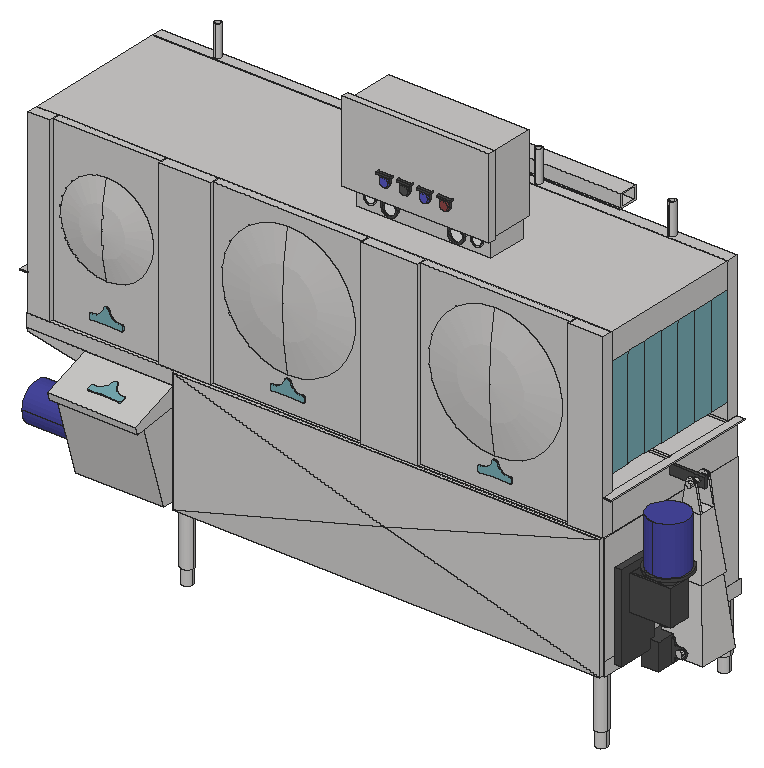
Revit family (continued)
Lines and regions (in)
  symbolic lines, style "QF_Clearances", visible <- "Swing Doors", detail levels coarse
    curve 64: line (7.57772, -95.5, 55.5) -> (7.57772, -73, 55.5)
    curve 65: arc (7.57772, -95.5, 55.5) -> (23.48762, -88.9099, 55.5) -> (30.07772, -73, 55.5) r 22.5
    curve 66: line (61.07772, -95.5, 55.5) -> (61.07772, -73, 55.5)
    curve 67: arc (61.07772, -95.5, 55.5) -> (45.16782, -88.9099, 55.5) -> (38.57772, -73, 55.5) r 22.5
  symbolic lines, style "QF_Surface Details"
    curve 68: line (5.60809, -54.8896, 52.4375) -> (34.60809, -54.8896, 52.4375)
    curve 69: line (34.60809, -54.8896, 52.4375) -> (30.10809, -52.39521, 52.4375)
    curve 70: line (34.60809, -54.8896, 52.4375) -> (30.10809, -57.38399, 52.4375)
Dimensions and locks (in)
  "Depth": plane 6 "FRONT" to plane 3 "BACK"
  locked: plane 7 "Right of Top" to plane 5 "RIGHT" at 0.25
  locked: plane 7 "Right of Top" to plane 8 "Right of Ledge" at 1.5
  locked: plane 11 "Bottom of Machine" to level at 10
  "Table Height": plane 12 "Table Height" to level
  "Machine Height": plane 13 "Top of Machine" to level
  "Total Height": plane 4 "TOP" to level
  locked: plane 15 to plane 11 "Bottom of Machine" at 2
  locked: plane 12 "Table Height" to plane 14 "Panel Top" at 5.5
  locked: plane 6 "FRONT" to plane 16 at 0.5
  locked: plane 3 "BACK" to plane 17 at 0.5
  locked: plane 18 to plane 2 "Left of Main Body" at 0.25
  locked: plane 5 "RIGHT" to plane 19 at 0.25
  locked: plane 3 "BACK" to plane 20 at 1.625
  locked: plane 6 "FRONT" to plane 21 at 1.625
  equal spacing: plane 2 "Left of Main Body", plane 22 "Door Center", plane 5 "RIGHT"
  "24 Door Opening": plane 23 to plane 24
  locked: plane 13 "Top of Machine" to plane 25 "Top of Opening" at 4
  locked: plane 22 "Door Center" to Blend 10 sketch curve at 0.03125  (x2)
  locked: Extrusion 13 sketch curve to plane 21 at 1.125
  locked: plane 26 to level at 2.25
  plane 18 to Extrusion 14 sketch curve = 0' - 1 1/4"
  plane 17 to Extrusion 14 sketch curve = 0' - 1 1/2"
  locked: plane 17 to Extrusion 15 sketch curve at 1.5
  locked: plane 18 to Extrusion 15 sketch curve at 1.25
  locked: plane 17 to Extrusion 16 sketch curve at 1.5
  locked: Extrusion 16 sketch curve to plane 19 at 1.25
  locked: Extrusion 17 sketch curve to plane 19 at 1.25
  locked: plane 17 to Extrusion 17 sketch curve at 1.5
  locked: Extrusion 20 sketch curve to plane 19 at 1.25
  locked: Extrusion 20 sketch curve to plane 16 at 1.5
  locked: Extrusion 21 sketch curve to plane 19 at 1.25
  locked: Extrusion 21 sketch curve to plane 16 at 1.5
  locked: Extrusion 18 sketch curve to plane 16 at 1.5
  locked: plane 18 to Extrusion 18 sketch curve at 1.25
  locked: Extrusion 19 sketch curve to plane 16 at 1.5
  locked: plane 18 to Extrusion 19 sketch curve at 1.25
  locked: plane 27 to plane 22 "Door Center" at 10
  locked: plane 27 to plane 28 at 20
  locked: plane 29 to plane 22 "Door Center" at 11
  locked: plane 29 to plane 30 at 22
  plane 31 "Front of Lower Panel" to plane 6 "FRONT" = 0' - 6 1/2"
  locked: plane 32 to plane 31 "Front of Lower Panel" at 6
  locked: plane 33 to plane 6 "FRONT" at 6
  locked: plane 34 "Back of Panel" to plane 33 at 7
  locked: plane 33 to plane 35 "Front of Upper Panel" at 1
  locked: plane 29 to plane 36 at 0.5
  locked: plane 37 to plane 30 at 0.5
  locked: Extrusion 27 sketch curve to plane 27 at 5
  locked: Extrusion 27 sketch curve to plane 13 "Top of Machine" at 1.5
  locked: Extrusion 28 sketch curve to plane 27 at 2
  locked: Extrusion 28 sketch curve to plane 13 "Top of Machine" at 1.75
  locked: Extrusion 31 sketch curve to plane 28 at 5
  locked: Extrusion 31 sketch curve to plane 13 "Top of Machine" at 1.5
  locked: Extrusion 32 sketch curve to plane 28 at 2
  locked: Extrusion 32 sketch curve to plane 13 "Top of Machine" at 1.75
  locked: Extrusion 41 sketch curve to plane 14 "Panel Top" at 4.12493
  locked: plane 38 to plane 9 "Right End Cowl" at 0.125
  locked: plane 10 to plane 39 at 3.875
  locked: plane 40 to plane 41 at 24.875
  locked: plane 41 to plane 6 "FRONT" at 0.0625
  plane 42 "Top of Vents" to plane 13 "Top of Machine" = 0' - 4"
  locked: Extrusion 46 sketch curve to plane 5 "RIGHT" at 1.375
  locked: plane 5 "RIGHT" to Extrusion 47 sketch curve at 6
  locked: plane 5 "RIGHT" to Extrusion 50 sketch curve at 6
  locked: plane 5 "RIGHT" to Extrusion 51 sketch curve at 6
  locked: plane 5 "RIGHT" to Blend 49 sketch curve at 6
  locked: Extrusion 62 sketch curve to plane 3 "BACK" at 0.75
  locked: plane 43 to plane 22 "Door Center" at 14.5
  locked: plane 43 to plane 44 at 29
  locked: plane 46 to plane 13 "Top of Machine" at 2
  locked: plane 45 to plane 3 "BACK" at 3
  Extrusion 65 sketch curve to plane 13 "Top of Machine" = 1' - 1"
  locked: plane 30 to Extrusion 65 sketch curve at 1
  Extrusion 66 sketch curve to plane 3 "BACK" = 0' - 3"
  locked: plane 47 to plane 3 "BACK" at 5
  locked: plane 48 to plane 13 "Top of Machine" at 29
  "24 Door Opening": plane 49 to plane 50
  locked: Extrusion 62 sketch curve to plane 5 "RIGHT" at 9
  locked: Extrusion 75 sketch curve to plane 3 "BACK" at 0.75
  locked: plane 51 to plane 53 at 0.125
  locked: plane 54 to plane 52 at 3.875
  "Width": plane 55 "LEFT" to plane 5 "RIGHT"
  locked: plane 57 to plane 56 at 1.5
  "18 Door Opening": plane 60 to plane 59
  Extrusion 75 sketch curve to plane 5 "RIGHT" = 2' - 5"
  locked: plane 55 "LEFT" to Extrusion 98 sketch curve at 9
  Extrusion 66 sketch curve to plane 5 "RIGHT" = 1' - 4 1/2"
  Extrusion 93 sketch curve to plane 5 "RIGHT" = 6' - 4"
  locked: plane 55 "LEFT" to plane 60 at 3.22043
  plane 50 to plane 5 "RIGHT" = 0' - 5 1/4"
  locked: plane 2 "Left of Main Body" to plane 23 at 5.25
  locked: plane 55 "LEFT" to plane 2 "Left of Main Body" at 22
  locked: plane 60 to plane 61 at 0.25
  locked: plane 62 to plane 59 at 0.125
  locked: plane 63 to plane 59 at 1.4375
  locked: plane 23 to plane 64 at 0.25
  locked: plane 65 to plane 24 at 0.125
  locked: plane 66 to plane 24 at 1.4375
  locked: plane 49 to plane 67 at 0.125
  locked: plane 49 to plane 68 at 1.4375
  locked: plane 69 to plane 50 at 0.25
  locked: plane 39 to plane 38 at 2.9375
  plane 5 "RIGHT" to plane 9 "Right End Cowl" = 0' - 10"
  aligned and locked: level to plane 1
  aligned and locked: Extrusion 1 sketch curve to plane 17
  aligned and locked: Extrusion 1 sketch curve to plane 18
  aligned and locked: plane 19 to Extrusion 1 sketch curve
  aligned and locked: Extrusion 1 to plane 11 "Bottom of Machine"
  aligned and locked: plane 15 to Extrusion 1
  aligned and locked: plane 2 "Left of Main Body" to Extrusion 2 sketch curve
  aligned and locked: plane 6 "FRONT" to Extrusion 2 sketch curve
  aligned and locked: plane 3 "BACK" to Extrusion 2 sketch curve
  aligned and locked: plane 14 "Panel Top" to Extrusion 2
  aligned and locked: Extrusion 2 to plane 15
  aligned and locked: Extrusion 3 sketch curve to plane 6 "FRONT"
  aligned and locked: Extrusion 3 sketch curve to plane 3 "BACK"
  aligned and locked: plane 5 "RIGHT" to Extrusion 4 sketch curve
  aligned and locked: plane 6 "FRONT" to Extrusion 4 sketch curve
  aligned and locked: plane 8 "Right of Ledge" to Extrusion 4 sketch curve
  aligned and locked: plane 3 "BACK" to Extrusion 4 sketch curve
  aligned and locked: plane 3 "BACK" to Extrusion 5 sketch curve
  aligned and locked: Extrusion 5 sketch curve to plane 21
  aligned and locked: Extrusion 5 to plane 14 "Panel Top"
  aligned and locked: plane 3 "BACK" to Extrusion 6 sketch curve
  aligned and locked: plane 20 to Extrusion 6 sketch curve
  aligned and locked: Extrusion 7 sketch curve to plane 5 "RIGHT"
  aligned and locked: Extrusion 7 sketch curve to plane 21
  aligned and locked: Extrusion 7 sketch curve to plane 20
  aligned and locked: plane 3 "BACK" to Extrusion 8 sketch curve
  aligned and locked: plane 20 to Extrusion 8 sketch curve
  aligned and locked: Extrusion 8 sketch curve to plane 5 "RIGHT"
  aligned and locked: Extrusion 8 to plane 12 "Table Height"
  aligned and locked: Extrusion 7 to plane 25 "Top of Opening"
  aligned and locked: Extrusion 9 sketch curve to plane 23
  aligned and locked: plane 14 "Panel Top" to Extrusion 9 sketch curve
  aligned and locked: Extrusion 9 to plane 21
  aligned and locked: Extrusion 9 sketch curve to plane 13 "Top of Machine"
  aligned and locked: plane 2 "Left of Main Body" to Blend 10 sketch curve
  aligned and locked: plane 11 "Bottom of Machine" to Blend 10 sketch curve
  aligned and locked: Blend 10 sketch curve to plane 14 "Panel Top"
  aligned and locked: Blend 10 sketch curve to plane 5 "RIGHT"
  aligned and locked: plane 6 "FRONT" to Extrusion 1 sketch curve
  aligned and locked: plane 2 "Left of Main Body" to Extrusion 11 sketch curve
  aligned and locked: Extrusion 11 sketch curve to plane 6 "FRONT"
  aligned and locked: plane 16 to Extrusion 11 sketch curve
  aligned and locked: Extrusion 11 sketch curve to plane 5 "RIGHT"
  aligned and locked: Extrusion 11 to plane 11 "Bottom of Machine"
  aligned and locked: plane 14 "Panel Top" to Extrusion 11
  aligned and locked: Extrusion 12 sketch curve to plane 13 "Top of Machine"
  aligned and locked: Extrusion 12 sketch curve to plane 5 "RIGHT"
  aligned and locked: plane 14 "Panel Top" to Extrusion 12 sketch curve
  aligned and locked: Extrusion 12 to plane 21
  aligned and locked: Extrusion 13 sketch curve to plane 24
  aligned and locked: plane 21 to Extrusion 13 sketch curve
  aligned and locked: plane 23 to Extrusion 13 sketch curve
  aligned and locked: Extrusion 13 to plane 14 "Panel Top"
  aligned and locked: plane 26 to Extrusion 14
  aligned and locked: Extrusion 15 to plane 26
  aligned and locked: plane 11 "Bottom of Machine" to Extrusion 15
  aligned and locked: plane 21 to Extrusion 22 sketch curve
  aligned and locked: plane 5 "RIGHT" to Extrusion 22 sketch curve  (x7)
  aligned and locked: plane 20 to Extrusion 22 sketch curve
  aligned and locked: Extrusion 23 sketch curve to plane 20
  aligned and locked: Extrusion 23 sketch curve to plane 21
  aligned and locked: Extrusion 24 sketch curve to plane 32
  aligned and locked: plane 31 "Front of Lower Panel" to Extrusion 24 sketch curve
  aligned and locked: plane 27 to Extrusion 24 sketch curve
  aligned and locked: plane 28 to Extrusion 24 sketch curve
  aligned and locked: Extrusion 25 sketch curve to plane 34 "Back of Panel"
  aligned and locked: plane 33 to Extrusion 25 sketch curve
  aligned and locked: plane 36 to Extrusion 25 sketch curve
  aligned and locked: Extrusion 25 sketch curve to plane 37
  aligned and locked: Extrusion 26 sketch curve to plane 33
  aligned and locked: plane 35 "Front of Upper Panel" to Extrusion 26 sketch curve
  aligned and locked: plane 29 to Extrusion 26 sketch curve
  aligned and locked: Extrusion 26 sketch curve to plane 30
  aligned and locked: Extrusion 29 sketch curve to Extrusion 28  (x2)
  aligned and locked: Extrusion 30 sketch curve to Extrusion 27  (x2)
  aligned and locked: Extrusion 33 sketch curve to Extrusion 32  (x2)
  aligned and locked: Extrusion 34 sketch curve to Extrusion 31  (x2)
  aligned and locked: Extrusion 42 sketch curve to plane 13 "Top of Machine"
  aligned and locked: Extrusion 42 sketch curve to plane 6 "FRONT"
  aligned and locked: plane 21 to Extrusion 42 sketch curve
  aligned and locked: plane 20 to Extrusion 42 sketch curve
  aligned and locked: plane 3 "BACK" to Extrusion 42 sketch curve
  aligned and locked: plane 6 "FRONT" to Extrusion 43 sketch curve
  aligned and locked: Extrusion 43 sketch curve to plane 13 "Top of Machine"
  aligned and locked: plane 3 "BACK" to Extrusion 43 sketch curve
  aligned and locked: plane 20 to Extrusion 43 sketch curve
  aligned and locked: plane 25 "Top of Opening" to Extrusion 43 sketch curve
  aligned and locked: plane 21 to Extrusion 43 sketch curve
  aligned and locked: Extrusion 43 to plane 38
  aligned and locked: plane 38 to Extrusion 42
  aligned and locked: Extrusion 44 sketch curve to plane 10
  aligned and locked: plane 39 to Extrusion 44 sketch curve
  aligned and locked: plane 40 to Extrusion 44 sketch curve
  aligned and locked: Extrusion 44 sketch curve to plane 41
  aligned and locked: Extrusion 45 sketch curve to Extrusion 44  (x4)
  aligned and locked: Blend 49 sketch curve to Extrusion 48  (x2)
  aligned and locked: Extrusion 58 sketch curve to Extrusion 56  (x2)
  aligned and locked: Extrusion 46 to plane 5 "RIGHT"
  aligned and locked: Extrusion 52 to plane 5 "RIGHT"
  aligned and locked: plane 10 to nested 1
  aligned and locked: plane 39 to nested 1
  aligned and locked: plane 41 to nested 1
  aligned and locked: nested 1 to plane 40
  aligned and locked: Extrusion 63 to plane 43
  aligned and locked: Extrusion 63 to plane 44
  aligned and locked: Extrusion 64 to plane 44
  aligned and locked: Extrusion 64 to plane 43
  aligned and locked: plane 3 "BACK" to curve 1
  aligned and locked: curve 4 to plane 5 "RIGHT"
  aligned and locked: plane 6 "FRONT" to curve 3
  aligned and locked: curve 6 to plane 9 "Right End Cowl"
  aligned and locked: plane 43 to curve 8
  aligned and locked: plane 44 to curve 10
  aligned and locked: curve 9 to plane 45
  aligned and locked: plane 8 "Right of Ledge" to curve 12
  aligned and locked: curve 13 to plane 34 "Back of Panel"
  aligned and locked: plane 33 to curve 15
  aligned and locked: plane 36 to curve 14
  aligned and locked: curve 16 to plane 37
  aligned and locked: plane 29 to curve 20
  aligned and locked: plane 35 "Front of Upper Panel" to curve 19
  aligned and locked: curve 18 to plane 30
  aligned and locked: plane 41 to curve 24
  aligned and locked: curve 25 to plane 39
  aligned and locked: plane 10 to curve 23
  aligned and locked: curve 22 to plane 40
  aligned and locked: Extrusion 67 sketch curve to plane 17  (x2)
  aligned and locked: plane 47 to Extrusion 67 sketch curve
  aligned and locked: plane 44 to Extrusion 67 sketch curve
  aligned and locked: Extrusion 67 sketch curve to plane 45
  aligned and locked: plane 43 to Extrusion 67 sketch curve
  aligned and locked: plane 13 "Top of Machine" to Extrusion 68 sketch curve
  aligned and locked: Extrusion 68 sketch curve to plane 24
  aligned and locked: plane 23 to Extrusion 68 sketch curve
  aligned and locked: Extrusion 68 sketch curve to plane 48
  aligned and locked: Extrusion 68 to plane 21
  aligned and locked: Extrusion 67 sketch curve to plane 8 "Right of Ledge"
  aligned and locked: Extrusion 69 sketch curve to plane 47
  aligned and locked: Extrusion 69 sketch curve to plane 8 "Right of Ledge"
  aligned and locked: plane 17 to Extrusion 69 sketch curve
  aligned and locked: Extrusion 69 sketch curve to plane 9 "Right End Cowl"
  aligned and locked: plane 4 "TOP" to Extrusion 69
  aligned and locked: curve 28 to plane 9 "Right End Cowl"
  aligned and locked: curve 27 to plane 47
  aligned and locked: Extrusion 71 sketch curve to plane 50
  aligned and locked: plane 49 to Extrusion 71 sketch curve
  aligned and locked: Extrusion 72 sketch curve to plane 50
  aligned and locked: plane 49 to Extrusion 72 sketch curve
  aligned and locked: plane 50 to Extrusion 12 sketch curve
  aligned and locked: plane 24 to Extrusion 74 sketch curve
  aligned and locked: Extrusion 74 sketch curve to plane 49
  aligned and locked: Extrusion 74 sketch curve to plane 13 "Top of Machine"
  aligned and locked: plane 14 "Panel Top" to Extrusion 74 sketch curve
  aligned and locked: Extrusion 74 to plane 21
  aligned and locked: Extrusion 74 to plane 6 "FRONT"
  aligned and locked: Extrusion 76 sketch curve to Extrusion 66  (x2)
  aligned and locked: Extrusion 77 to plane 53
  aligned and locked: plane 53 to Extrusion 78
  aligned and locked: plane 54 to Extrusion 79 sketch curve
  aligned and locked: Extrusion 79 sketch curve to plane 52
  aligned and locked: curve 30 to plane 51
  aligned and locked: curve 35 to plane 52
  aligned and locked: plane 54 to curve 33
  aligned and locked: plane 51 to Extrusion 80 sketch curve
  aligned and locked: plane 51 to curve 36
  aligned and locked: Extrusion 94 sketch curve to Extrusion 93  (x2)
  aligned and locked: plane 59 to Extrusion 9 sketch curve
  aligned and locked: Extrusion 95 sketch curve to plane 60
  aligned and locked: plane 55 "LEFT" to Extrusion 95 sketch curve
  aligned and locked: plane 55 "LEFT" to Extrusion 5 sketch curve
  aligned and locked: Extrusion 5 sketch curve to plane 5 "RIGHT"
  aligned and locked: Extrusion 6 sketch curve to plane 5 "RIGHT"  (x2)
  aligned and locked: plane 55 "LEFT" to Extrusion 6 sketch curve  (x2)
  aligned and locked: Extrusion 96 sketch curve to plane 58
  aligned and locked: plane 19 to Extrusion 2 sketch curve
  aligned and locked: plane 55 "LEFT" to Extrusion 8 sketch curve
  aligned and locked: plane 55 "LEFT" to Extrusion 7 sketch curve
  aligned and locked: plane 21 to Extrusion 109 sketch curve
  aligned and locked: plane 6 "FRONT" to Extrusion 109 sketch curve
  aligned and locked: plane 61 to Extrusion 109 sketch curve
  aligned and locked: Extrusion 109 sketch curve to plane 62
  aligned and locked: plane 21 to Extrusion 110 sketch curve
  aligned and locked: plane 6 "FRONT" to Extrusion 110 sketch curve
  aligned and locked: plane 64 to Extrusion 110 sketch curve
  aligned and locked: Extrusion 110 sketch curve to plane 65
  aligned and locked: plane 67 to Extrusion 111 sketch curve
  aligned and locked: Extrusion 111 sketch curve to plane 69
  aligned and locked: plane 21 to Extrusion 111 sketch curve
  aligned and locked: plane 6 "FRONT" to Extrusion 111 sketch curve
  aligned and locked: Extrusion 109 to plane 14 "Panel Top"
  aligned and locked: Extrusion 110 to plane 14 "Panel Top"
  aligned and locked: Extrusion 111 to plane 14 "Panel Top"
  aligned and locked: curve 62 to plane 60
  aligned and locked: plane 23 to curve 64
  aligned and locked: plane 50 to curve 66
  aligned and locked: cut or joined group of Extrusion 42, Extrusion 45 to plane 5 "RIGHT"
Automatic sketch dimensions
  Extrusion 35 sketch curve to Extrusion 35 sketch curve = 0' - 1"  (x3)
  Extrusion 35 sketch curve to Extrusion 35 sketch curve = 0' - 2"  (x4)
  Extrusion 35 sketch curve to Extrusion 35 sketch curve = 0' - 0 1/4"  (x5)
  Extrusion 35 sketch curve to Extrusion 35 sketch curve = 0' - 0"  (x2)
  Extrusion 40 sketch curve to Extrusion 40 sketch curve = 0' - 1 1/2"  (x3)
  Extrusion 40 sketch curve to Extrusion 40 sketch curve = 0' - 0 3/4"  (x4)
  Extrusion 40 sketch curve to Extrusion 40 sketch curve = 0' - 0"  (x3)
  Extrusion 40 sketch curve to Extrusion 40 sketch curve = 0' - 0 7/8"  (x4)
  Extrusion 99 sketch curve to Extrusion 99 sketch curve = 0' - 1"  (x3)
  Extrusion 99 sketch curve to Extrusion 99 sketch curve = 0' - 2"  (x4)
  Extrusion 99 sketch curve to Extrusion 99 sketch curve = 0' - 0 1/4"  (x5)
  Extrusion 99 sketch curve to Extrusion 99 sketch curve = 0' - 0"  (x2)
  Extrusion 104 sketch curve to Extrusion 104 sketch curve = 0' - 1 1/2"  (x3)
  Extrusion 104 sketch curve to Extrusion 104 sketch curve = 0' - 0 3/4"  (x4)
  Extrusion 104 sketch curve to Extrusion 104 sketch curve = 0' - 0"  (x3)
  Extrusion 104 sketch curve to Extrusion 104 sketch curve = 0' - 0 7/8"  (x4)
  Extrusion 87 sketch curve to Extrusion 87 sketch curve = 0' - 0.24812"
  Extrusion 87 sketch curve to Extrusion 87 sketch curve = 0' - 1.04649"
  Extrusion 88 sketch curve to Extrusion 88 sketch curve = 0' - 0.25142"  (x2)
  Extrusion 88 sketch curve to Extrusion 88 sketch curve = 0' - 0.25483"
  Extrusion 88 sketch curve to Extrusion 88 sketch curve = 0' - 0.30345"
  Extrusion 88 sketch curve to Extrusion 88 sketch curve = 0' - 1.63184"  (x2)
  Extrusion 88 sketch curve to Extrusion 88 sketch curve = 0' - 1.52338"
  Extrusion 88 sketch curve to Extrusion 88 sketch curve = 0' - 0.41934"
  Extrusion 88 sketch curve to Extrusion 88 sketch curve = 0' - 0.42496"
  Extrusion 88 sketch curve to Extrusion 88 sketch curve = 0' - 0"  (x2)
  Extrusion 88 sketch curve to Extrusion 88 sketch curve = 0' - 1.22253"
  Extrusion 88 sketch curve to Extrusion 88 sketch curve = 0' - 1.51845"
  Extrusion 88 sketch curve to Extrusion 88 sketch curve = 0' - 0.00341"
  Extrusion 88 sketch curve to Extrusion 88 sketch curve = 0' - 11.90119"
  Extrusion 88 sketch curve to Extrusion 88 sketch curve = 0' - 0.08323"
  Extrusion 88 sketch curve to Extrusion 88 sketch curve = 0' - 0.48493"  (x2)
  Extrusion 88 sketch curve to Extrusion 88 sketch curve = 0' - 1.96861"
  Extrusion 86 sketch curve to Extrusion 86 sketch curve = 0' - 3.69119"
  Extrusion 86 sketch curve to Extrusion 86 sketch curve = 0' - 5.50369"
  Extrusion 86 sketch curve to Extrusion 86 sketch curve = 1' - 0.07335"
  Extrusion 86 sketch curve to Extrusion 86 sketch curve = 0' - 0.73915"
  Extrusion 87 sketch curve to Extrusion 87 sketch curve = 0' - 6.75188"
  Extrusion 87 sketch curve to Extrusion 87 sketch curve = 0' - 0.90679"
  Extrusion 87 sketch curve to Extrusion 87 sketch curve = 0' - 2 11/16"
  Extrusion 88 sketch curve to Extrusion 88 sketch curve = 0' - 0.61126"
  Extrusion 107 sketch curve to Extrusion 107 sketch curve = 0' - 0.24812"
  Extrusion 107 sketch curve to Extrusion 107 sketch curve = 0' - 1.04649"
  Extrusion 108 sketch curve to Extrusion 108 sketch curve = 0' - 0.25142"  (x2)
  Extrusion 108 sketch curve to Extrusion 108 sketch curve = 0' - 0.25483"
  Extrusion 108 sketch curve to Extrusion 108 sketch curve = 0' - 0.30345"
  Extrusion 108 sketch curve to Extrusion 108 sketch curve = 0' - 1.63184"  (x2)
  Extrusion 108 sketch curve to Extrusion 108 sketch curve = 0' - 1.52338"
  Extrusion 108 sketch curve to Extrusion 108 sketch curve = 0' - 0.41934"
  Extrusion 108 sketch curve to Extrusion 108 sketch curve = 0' - 0.42496"
  Extrusion 108 sketch curve to Extrusion 108 sketch curve = 0' - 0"  (x2)
  Extrusion 108 sketch curve to Extrusion 108 sketch curve = 0' - 1.22253"
  Extrusion 108 sketch curve to Extrusion 108 sketch curve = 0' - 1.51845"
  Extrusion 108 sketch curve to Extrusion 108 sketch curve = 0' - 0.00341"
  Extrusion 108 sketch curve to Extrusion 108 sketch curve = 0' - 11.90119"
  Extrusion 108 sketch curve to Extrusion 108 sketch curve = 0' - 0.08323"
  Extrusion 108 sketch curve to Extrusion 108 sketch curve = 0' - 0.48493"  (x2)
  Extrusion 108 sketch curve to Extrusion 108 sketch curve = 0' - 1.96861"
  Extrusion 106 sketch curve to Extrusion 106 sketch curve = 0' - 3.69119"
  Extrusion 106 sketch curve to Extrusion 106 sketch curve = 0' - 5.50369"
  Extrusion 106 sketch curve to Extrusion 106 sketch curve = 1' - 0.07335"
  Extrusion 106 sketch curve to Extrusion 106 sketch curve = 0' - 0.73915"
  Extrusion 107 sketch curve to Extrusion 107 sketch curve = 0' - 6.75188"
  Extrusion 107 sketch curve to Extrusion 107 sketch curve = 0' - 0.90679"
  Extrusion 107 sketch curve to Extrusion 107 sketch curve = 0' - 2 11/16"
  Extrusion 108 sketch curve to Extrusion 108 sketch curve = 0' - 0.61126"
  curve 37 to plane 57 = 0' - 0"
  curve 41 to plane 60 = 0' - 0"
  curve 42 to plane 6 "FRONT" = 0' - 0"
  plane 21 to curve 39 = 0' - 0"
  curve 39 to plane 59 = 0' - 0"
  curve 44 to plane 6 "FRONT" = 0' - 0"
  curve 44 to plane 18 = 0' - 0"
  plane 21 to curve 47 = 0' - 0"
  curve 47 to plane 23 = 0' - 0"
  curve 48 to plane 24 = 0' - 0"
  plane 21 to curve 50 = 0' - 0"
  curve 50 to plane 49 = 0' - 0"
  curve 51 to plane 50 = 0' - 0"
  curve 26 to plane 8 "Right of Ledge" = 0' - 0"
  curve 49 to plane 6 "FRONT" = 0' - 0"
  curve 51 to plane 6 "FRONT" = 0' - 0"
  curve 46 to plane 6 "FRONT" = 0' - 0"
  curve 48 to plane 6 "FRONT" = 0' - 0"
  curve 38 to plane 6 "FRONT" = 0' - 0"
  curve 40 to plane 6 "FRONT" = 0' - 0"
  curve 36 to plane 17 = 0' - 0"
  curve 28 to plane 17 = 0' - 0"
  plane 61 to curve 43 = 0' - 5.09207"
  curve 44 to plane 16 = 0' - 6 1/2"
  plane 41 to curve 45 = 0' - 0 7/16"
  plane 41 to curve 52 = 0' - 0 7/16"
  plane 41 to curve 41 = 0' - 0 7/16"
  Extrusion 3 sketch curve to plane 55 "LEFT" = 0' - 0"
  Extrusion 3 sketch curve to plane 57 = 0' - 0"
  plane 32 to Extrusion 6 sketch curve = 0' - 0 1/4"
  Extrusion 6 sketch curve to plane 32 = 0' - 0 1/4"
  plane 15 to Blend 10 sketch curve = 0' - 7 7/32"
  Blend 10 sketch curve to Blend 10 sketch curve = 0' - 0 1/16"
  Extrusion 22 sketch curve to plane 35 "Front of Upper Panel" = 0' - 0 3/8"
  Extrusion 22 sketch curve to Extrusion 22 sketch curve = 0' - 0 1/8"  (x6)
  plane 31 "Front of Lower Panel" to Extrusion 22 sketch curve = 0' - 1 1/4"
  Extrusion 22 sketch curve to plane 32 = 0' - 1 5/8"
  Extrusion 22 sketch curve to plane 5 "RIGHT" = 0' - 0 1/8"  (x7)
  plane 34 "Back of Panel" to Extrusion 22 sketch curve = 0' - 1"
  Extrusion 22 sketch curve to Extrusion 22 sketch curve = 0' - 3"  (x2)
  Extrusion 23 sketch curve to plane 55 "LEFT" = 0' - 0"  (x7)
  plane 35 "Front of Upper Panel" to Extrusion 23 sketch curve = 0' - 0 3/8"
  Extrusion 23 sketch curve to Extrusion 23 sketch curve = 0' - 0 1/8"  (x6)
  Extrusion 23 sketch curve to plane 31 "Front of Lower Panel" = 0' - 1 1/4"
  plane 32 to Extrusion 23 sketch curve = 0' - 1 5/8"
  Extrusion 23 sketch curve to plane 55 "LEFT" = 0' - 0 1/8"  (x7)
  Extrusion 23 sketch curve to plane 34 "Back of Panel" = 0' - 1"
  Extrusion 23 sketch curve to Extrusion 23 sketch curve = 0' - 3"  (x2)
  Extrusion 27 sketch curve to Extrusion 27 sketch curve = 0' - 0"  (x2)
  Extrusion 28 sketch curve to Extrusion 28 sketch curve = 0' - 0"  (x2)
  Extrusion 31 sketch curve to Extrusion 31 sketch curve = 0' - 0"  (x2)
  Extrusion 32 sketch curve to Extrusion 32 sketch curve = 0' - 0"  (x2)
  plane 43 to Extrusion 41 sketch curve = 0' - 1.49793"
  Extrusion 41 sketch curve to Extrusion 41 sketch curve = 0' - 0.25142"  (x2)
  Extrusion 41 sketch curve to Extrusion 41 sketch curve = 0' - 0.25483"
  plane 43 to Extrusion 41 sketch curve = 0' - 0.94306"
  Extrusion 41 sketch curve to plane 43 = 0' - 0.38874"
  Extrusion 41 sketch curve to plane 43 = 0' - 0.58031"
  Extrusion 41 sketch curve to Extrusion 41 sketch curve = 0' - 0.41934"
  Extrusion 41 sketch curve to plane 43 = 0' - 1"
  Extrusion 41 sketch curve to Extrusion 41 sketch curve = 0' - 0.42496"
  Extrusion 41 sketch curve to Extrusion 41 sketch curve = 0' - 0"
  Extrusion 41 sketch curve to Extrusion 41 sketch curve = 0' - 1.22253"
  Extrusion 41 sketch curve to Extrusion 41 sketch curve = 0' - 1.51845"
  Extrusion 41 sketch curve to Extrusion 41 sketch curve = 0' - 1.63184"
  Extrusion 41 sketch curve to Extrusion 41 sketch curve = 0' - 0.00341"
  Extrusion 41 sketch curve to plane 12 "Table Height" = 0' - 2.43574"  (x2)
  Extrusion 41 sketch curve to Extrusion 41 sketch curve = 0' - 0.48493"  (x2)
  Extrusion 41 sketch curve to Extrusion 41 sketch curve = 0' - 0.08323"
  plane 15 to Extrusion 41 sketch curve = 0' - 6.6719"
  Extrusion 42 sketch curve to plane 40 = 0' - 0 1/16"
  plane 41 to Extrusion 42 sketch curve = 0' - 0 1/16"
  Extrusion 42 sketch curve to plane 13 "Top of Machine" = 0' - 0 1/8"
  Extrusion 42 sketch curve to plane 25 "Top of Opening" = 0' - 0.88572"
  Extrusion 42 sketch curve to Extrusion 42 sketch curve = 0' - 0.05178"  (x2)
  Extrusion 42 sketch curve to Extrusion 42 sketch curve = 0' - 1 1/2"  (x2)
  Extrusion 42 sketch curve to Extrusion 42 sketch curve = 0' - 0.17678"  (x2)
  plane 12 "Table Height" to Extrusion 42 sketch curve = 0' - 5.17678"
  Extrusion 43 sketch curve to plane 25 "Top of Opening" = 0' - 0 15/16"
  Extrusion 43 sketch curve to Extrusion 43 sketch curve = 0' - 1 5/8"  (x2)
  plane 12 "Table Height" to Extrusion 43 sketch curve = 0' - 5 1/8"
  Extrusion 44 sketch curve to plane 41 = 0' - 0 1/8"
  plane 40 to Extrusion 44 sketch curve = 0' - 0 1/8"
  Extrusion 44 sketch curve to plane 10 = 0' - 0 1/8"
  plane 39 to Extrusion 44 sketch curve = 0' - 0 1/8"
  plane 19 to Extrusion 46 sketch curve = 0' - 0"
  Extrusion 46 sketch curve to plane 5 "RIGHT" = 0' - 0"
  Extrusion 46 sketch curve to plane 15 = 0' - 0"
  plane 11 "Bottom of Machine" to Extrusion 46 sketch curve = 0' - 0 15/16"
  Extrusion 46 sketch curve to plane 14 "Panel Top" = 0' - 4 9/16"
  Extrusion 47 sketch curve to plane 35 "Front of Upper Panel" = 0' - 0 3/16"
  Blend 49 sketch curve to plane 35 "Front of Upper Panel" = 0' - 0 3/16"
  Extrusion 50 sketch curve to plane 35 "Front of Upper Panel" = 0' - 0 3/16"
  Extrusion 51 sketch curve to plane 35 "Front of Upper Panel" = 0' - 0 3/16"
  Extrusion 52 sketch curve to plane 5 "RIGHT" = 0' - 0"
  plane 10 to Extrusion 52 sketch curve = 0' - 1 3/16"
  Extrusion 52 sketch curve to plane 39 = 0' - 1 7/16"
  Extrusion 52 sketch curve to plane 12 "Table Height" = 0' - 2 5/16"
  Extrusion 52 sketch curve to Extrusion 52 sketch curve = 0' - 0 3/4"
  Extrusion 52 sketch curve to plane 12 "Table Height" = 0' - 0 13/16"
  Extrusion 53 sketch curve to plane 15 = 0' - 0"
  plane 19 to Extrusion 53 sketch curve = 0' - 0"
  Extrusion 53 sketch curve to plane 5 "RIGHT" = 0' - 0"
  Extrusion 53 sketch curve to plane 10 = 0' - 0 5/16"
  Extrusion 53 sketch curve to plane 11 "Bottom of Machine" = 0' - 1 9/16"
  Extrusion 53 sketch curve to Extrusion 53 sketch curve = 0' - 0 7/16"
  Extrusion 54 sketch curve to Extrusion 54 sketch curve = 0' - 0"  (x2)
  plane 11 "Bottom of Machine" to Extrusion 54 sketch curve = 0' - 0 7/16"
  plane 10 to Extrusion 54 sketch curve = 0' - 1 3/16"
  plane 10 to Extrusion 54 sketch curve = 0' - 0 9/16"  (x2)
  Extrusion 54 sketch curve to plane 11 "Bottom of Machine" = 0' - 0 5/16"
  plane 10 to Extrusion 54 sketch curve = 0' - 0 3/16"  (x2)
  Extrusion 54 sketch curve to plane 10 = 0' - 0 1/16"  (x2)
  Extrusion 54 sketch curve to Extrusion 54 sketch curve = 0' - 0 1/4"
  Extrusion 54 sketch curve to Extrusion 54 sketch curve = 0' - 0 5/16"
  Extrusion 54 sketch curve to plane 15 = 0' - 0 1/8"
  Extrusion 55 sketch curve to Extrusion 55 sketch curve = 0' - 0"  (x2)
  plane 11 "Bottom of Machine" to Extrusion 55 sketch curve = 0' - 0 7/16"
  plane 10 to Extrusion 55 sketch curve = 0' - 1 3/16"
  plane 10 to Extrusion 55 sketch curve = 0' - 0 9/16"  (x2)
  Extrusion 55 sketch curve to plane 11 "Bottom of Machine" = 0' - 0 5/16"
  plane 10 to Extrusion 55 sketch curve = 0' - 0 3/16"  (x2)
  Extrusion 55 sketch curve to plane 10 = 0' - 0 1/16"  (x2)
  Extrusion 55 sketch curve to Extrusion 55 sketch curve = 0' - 0 1/4"
  Extrusion 55 sketch curve to Extrusion 55 sketch curve = 0' - 0 5/16"
  Extrusion 55 sketch curve to plane 15 = 0' - 0 1/8"
  Extrusion 56 sketch curve to Extrusion 56 sketch curve = 0' - 0"  (x6)
  plane 14 "Panel Top" to Extrusion 56 sketch curve = 0' - 0 3/16"
  Extrusion 56 sketch curve to plane 39 = 0' - 1 1/4"
  plane 10 to Extrusion 56 sketch curve = 0' - 1.92562"
  Extrusion 56 sketch curve to Extrusion 56 sketch curve = 0' - 0.36312"  (x2)
  Extrusion 56 sketch curve to Extrusion 56 sketch curve = 0' - 0 3/8"
  Extrusion 56 sketch curve to plane 10 = 0' - 0 1/4"
  Extrusion 56 sketch curve to plane 12 "Table Height" = 0' - 1 9/16"
  Extrusion 56 sketch curve to Extrusion 56 sketch curve = 0' - 0.13295"
  Extrusion 57 sketch curve to Extrusion 57 sketch curve = 0' - 0"  (x6)
  plane 14 "Panel Top" to Extrusion 57 sketch curve = 0' - 0 3/16"
  Extrusion 57 sketch curve to plane 39 = 0' - 1 1/4"
  plane 10 to Extrusion 57 sketch curve = 0' - 1.92562"
  Extrusion 57 sketch curve to Extrusion 57 sketch curve = 0' - 0.36312"  (x2)
  Extrusion 57 sketch curve to Extrusion 57 sketch curve = 0' - 0 3/8"
  Extrusion 57 sketch curve to plane 10 = 0' - 0 1/4"
  Extrusion 57 sketch curve to plane 12 "Table Height" = 0' - 1 9/16"
  Extrusion 57 sketch curve to Extrusion 57 sketch curve = 0' - 0.13295"
  Blend 59 sketch curve to plane 8 "Right of Ledge" = 0' - 0 5/16"
  Blend 59 sketch curve to plane 32 = 0' - 2 1/4"
  plane 34 "Back of Panel" to Blend 59 sketch curve = 0' - 1 3/4"
  Blend 59 sketch curve to plane 39 = 0' - 0 1/4"
  Blend 59 sketch curve to plane 10 = 0' - 0 1/4"
  Blend 59 sketch curve to plane 32 = 0' - 1 1/4"
  plane 34 "Back of Panel" to Blend 59 sketch curve = 0' - 0 3/4"
  Blend 59 sketch curve to plane 39 = 0' - 1 1/4"
  plane 39 to Blend 60 sketch curve = 0' - 0 1/2"
  plane 31 "Front of Lower Panel" to Blend 60 sketch curve = 0' - 3"
  plane 34 "Back of Panel" to Blend 60 sketch curve = 0' - 2 1/2"
  plane 8 "Right of Ledge" to Blend 60 sketch curve = 0' - 0 7/16"
  Blend 60 sketch curve to plane 8 "Right of Ledge" = 0' - 0 9/16"
  Blend 60 sketch curve to plane 32 = 0' - 2"
  plane 34 "Back of Panel" to Blend 60 sketch curve = 0' - 1 1/2"
  Blend 60 sketch curve to plane 39 = 0' - 0 1/2"
  Extrusion 61 sketch curve to Extrusion 61 sketch curve = 0' - 0"  (x2)
  plane 11 "Bottom of Machine" to Extrusion 61 sketch curve = 0' - 0 7/16"
  plane 10 to Extrusion 61 sketch curve = 0' - 1 11/16"
  Extrusion 61 sketch curve to Extrusion 61 sketch curve = 0' - 0 1/2"
  Extrusion 62 sketch curve to Extrusion 62 sketch curve = 0' - 0"  (x2)
  Extrusion 63 sketch curve to plane 46 = 0' - 0"
  Extrusion 63 sketch curve to plane 13 "Top of Machine" = 0' - 0"
  Extrusion 63 sketch curve to plane 45 = 0' - 0"
  Extrusion 63 sketch curve to plane 45 = 0' - 0 1/8"
  Extrusion 63 sketch curve to plane 17 = 0' - 0 1/8"
  Extrusion 63 sketch curve to Extrusion 63 sketch curve = 0' - 0 1/8"
  plane 13 "Top of Machine" to Extrusion 63 sketch curve = 0' - 0 1/8"
  Extrusion 63 sketch curve to plane 46 = 0' - 0 1/8"
  Extrusion 64 sketch curve to plane 3 "BACK" = 0' - 0"
  Extrusion 64 sketch curve to plane 13 "Top of Machine" = 0' - 0"
  Extrusion 64 sketch curve to plane 3 "BACK" = 0' - 0 1/4"
  Extrusion 64 sketch curve to Extrusion 64 sketch curve = 0' - 0 1/8"
  Extrusion 66 sketch curve to Extrusion 66 sketch curve = 0' - 0"  (x2)
  Extrusion 67 sketch curve to plane 57 = 0' - 0"
  Revolve 70 sketch curve to plane 16 = 0' - 0"
  Revolve 70 sketch curve to plane 16 = 0' - 10 3/4"
  plane 41 to Revolve 70 sketch curve = 0' - 0 7/16"
  plane 31 "Front of Lower Panel" to Revolve 70 sketch curve = 0' - 2 3/4"
  Revolve 70 sketch curve to plane 25 "Top of Opening" = 0' - 7.74993"
  plane 47 to Revolve 70 sketch curve = 1' - 5.49935"
  Revolve 70 sketch curve to plane 25 "Top of Opening" = 0' - 8"  (x2)
  plane 21 to Extrusion 71 sketch curve = 0' - 0"
  plane 41 to Extrusion 71 sketch curve = 0' - 0 7/16"
  Extrusion 72 sketch curve to plane 13 "Top of Machine" = 0' - 0"
  Extrusion 72 sketch curve to plane 48 = 0' - 0"
  Revolve 73 sketch curve to plane 16 = 0' - 0"
  Revolve 73 sketch curve to plane 16 = 0' - 10 3/4"
  plane 41 to Revolve 73 sketch curve = 0' - 0 7/16"
  plane 31 "Front of Lower Panel" to Revolve 73 sketch curve = 0' - 2 3/4"
  Revolve 73 sketch curve to plane 25 "Top of Opening" = 0' - 7.74993"
  plane 47 to Revolve 73 sketch curve = 1' - 5.49935"
  Revolve 73 sketch curve to plane 25 "Top of Opening" = 0' - 8"  (x2)
  Extrusion 75 sketch curve to Extrusion 75 sketch curve = 0' - 0"  (x2)
  Extrusion 77 sketch curve to plane 6 "FRONT" = 0' - 0"
  Extrusion 77 sketch curve to plane 21 = 0' - 0"
  Extrusion 77 sketch curve to plane 20 = 0' - 0"
  Extrusion 77 sketch curve to plane 3 "BACK" = 0' - 0"
  Extrusion 77 sketch curve to plane 13 "Top of Machine" = 0' - 0"
  plane 41 to Extrusion 77 sketch curve = 0' - 0 1/16"
  Extrusion 77 sketch curve to plane 40 = 0' - 0 1/16"
  Extrusion 77 sketch curve to plane 13 "Top of Machine" = 0' - 0 1/8"
  Extrusion 77 sketch curve to plane 25 "Top of Opening" = 0' - 0.88572"
  Extrusion 77 sketch curve to Extrusion 77 sketch curve = 0' - 0.05178"  (x2)
  Extrusion 77 sketch curve to Extrusion 77 sketch curve = 0' - 1 1/2"  (x2)
  Extrusion 77 sketch curve to Extrusion 77 sketch curve = 0' - 0.17678"  (x2)
  plane 12 "Table Height" to Extrusion 77 sketch curve = 0' - 5.17678"
  Extrusion 78 sketch curve to plane 6 "FRONT" = 0' - 0"
  Extrusion 78 sketch curve to plane 21 = 0' - 0"
  Extrusion 78 sketch curve to plane 20 = 0' - 0"
  Extrusion 78 sketch curve to plane 3 "BACK" = 0' - 0"
  Extrusion 78 sketch curve to plane 25 "Top of Opening" = 0' - 0"
  Extrusion 78 sketch curve to plane 13 "Top of Machine" = 0' - 0"
  Extrusion 78 sketch curve to plane 25 "Top of Opening" = 0' - 0 15/16"
  Extrusion 78 sketch curve to Extrusion 78 sketch curve = 0' - 1 5/8"  (x2)
  plane 12 "Table Height" to Extrusion 78 sketch curve = 0' - 5 1/8"
  Extrusion 79 sketch curve to plane 41 = 0' - 0"
  Extrusion 79 sketch curve to plane 40 = 0' - 0"
  plane 41 to Extrusion 79 sketch curve = 0' - 0 1/8"
  Extrusion 79 sketch curve to plane 40 = 0' - 0 1/8"
  Extrusion 79 sketch curve to plane 52 = 0' - 0 1/8"
  plane 54 to Extrusion 79 sketch curve = 0' - 0 1/8"
  Extrusion 80 sketch curve to plane 17 = 0' - 0"
  Extrusion 80 sketch curve to plane 57 = 0' - 0"
  Extrusion 80 sketch curve to plane 47 = 0' - 0"
  Extrusion 81 sketch curve to plane 60 = 0' - 0"
  Extrusion 81 sketch curve to plane 59 = 0' - 0"
  plane 21 to Extrusion 81 sketch curve = 0' - 0"
  plane 41 to Extrusion 81 sketch curve = 0' - 0 7/16"
  Revolve 82 sketch curve to plane 16 = 0' - 0"
  Revolve 82 sketch curve to plane 16 = 0' - 10 3/4"
  plane 41 to Revolve 82 sketch curve = 0' - 0 7/16"
  plane 31 "Front of Lower Panel" to Revolve 82 sketch curve = 0' - 2 3/4"
  Revolve 82 sketch curve to plane 17 = 0' - 0.00039"
  Revolve 82 sketch curve to plane 25 "Top of Opening" = 0' - 8.1428"
  Revolve 82 sketch curve to plane 25 "Top of Opening" = 0' - 8"  (x2)
  Extrusion 83 sketch curve to plane 63 = 0' - 4.18957"
  Extrusion 83 sketch curve to Extrusion 83 sketch curve = 0' - 0.25142"  (x2)
  Extrusion 83 sketch curve to Extrusion 83 sketch curve = 0' - 0.25483"
  Extrusion 83 sketch curve to Extrusion 83 sketch curve = 0' - 0.30345"
  plane 14 "Panel Top" to Extrusion 83 sketch curve = 0' - 2.15632"
  Extrusion 83 sketch curve to Extrusion 83 sketch curve = 0' - 1.63184"  (x2)
  Extrusion 83 sketch curve to Extrusion 83 sketch curve = 0' - 1.52338"
  Extrusion 83 sketch curve to Extrusion 83 sketch curve = 0' - 0.41934"
  Extrusion 83 sketch curve to plane 63 = 0' - 6 11/16"
  Extrusion 83 sketch curve to Extrusion 83 sketch curve = 0' - 0.42496"
  Extrusion 83 sketch curve to Extrusion 83 sketch curve = 0' - 0"
  Extrusion 83 sketch curve to Extrusion 83 sketch curve = 0' - 1.22253"
  Extrusion 83 sketch curve to Extrusion 83 sketch curve = 0' - 1.51845"
  Extrusion 83 sketch curve to Extrusion 83 sketch curve = 0' - 0.00341"
  Extrusion 83 sketch curve to Extrusion 83 sketch curve = 0' - 0.08323"  (x2)
  plane 15 to Extrusion 83 sketch curve = 0' - 6.6719"
  Extrusion 83 sketch curve to Extrusion 83 sketch curve = 0' - 0.48493"  (x2)
  Extrusion 83 sketch curve to plane 12 "Table Height" = 0' - 1.37507"
  Extrusion 84 sketch curve to plane 48 = 0' - 0"
  Extrusion 84 sketch curve to plane 59 = 0' - 0"
  Extrusion 84 sketch curve to plane 13 "Top of Machine" = 0' - 0"
  Extrusion 84 sketch curve to plane 60 = 0' - 0"
  plane 18 to Extrusion 85 sketch curve = 0' - 0"
  plane 11 "Bottom of Machine" to Extrusion 85 sketch curve = 0' - 0 15/16"
  plane 61 to Extrusion 85 sketch curve = 0' - 5.09207"
  Extrusion 85 sketch curve to plane 14 "Panel Top" = 0' - 2"
  Extrusion 89 sketch curve to plane 35 "Front of Upper Panel" = 0' - 0"
  plane 15 to Extrusion 89 sketch curve = 0' - 1 5/8"
  Extrusion 90 sketch curve to plane 35 "Front of Upper Panel" = 0' - 0"
  plane 15 to Extrusion 90 sketch curve = 0' - 1 5/8"
  Extrusion 91 sketch curve to plane 55 "LEFT" = 0' - 0"
  plane 61 to Extrusion 91 sketch curve = 0' - 5.09207"
  Extrusion 91 sketch curve to plane 14 "Panel Top" = 0' - 4 1/4"
  Extrusion 91 sketch curve to plane 14 "Panel Top" = 0' - 2 3/8"
  Extrusion 91 sketch curve to plane 14 "Panel Top" = 0' - 2"
  Sweep 92 sketch curve to plane 44 = 0' - 1.09543"
  Sweep 92 sketch curve to plane 11 "Bottom of Machine" = 0' - 1 1/2"
  plane 61 to Sweep 92 sketch curve = 0' - 6 5/8"
  Sweep 92 sketch curve to Sweep 92 sketch curve = 0' - 0"  (x2)
  profile plane to Sweep 92 sketch curve = 0' - 0"
  Sweep 92 sketch curve to profile plane = 0' - 0"
  Extrusion 93 sketch curve to Extrusion 93 sketch curve = 0' - 0"  (x2)
  Extrusion 93 sketch curve to plane 20 = 0' - 1 3/8"
  Extrusion 95 sketch curve to plane 14 "Panel Top" = 0' - 0"
  Extrusion 95 sketch curve to plane 13 "Top of Machine" = 0' - 0"
  Extrusion 96 sketch curve to plane 6 "FRONT" = 0' - 0"
  plane 3 "BACK" to Extrusion 96 sketch curve = 0' - 0"
  Extrusion 96 sketch curve to plane 2 "Left of Main Body" = 0' - 0"
  plane 41 to Extrusion 97 sketch curve = 0' - 0 1/8"
  Extrusion 97 sketch curve to plane 40 = 0' - 0 1/8"
  Extrusion 97 sketch curve to plane 52 = 0' - 0 1/8"
  plane 54 to Extrusion 97 sketch curve = 0' - 0 1/8"
  Extrusion 98 sketch curve to Extrusion 98 sketch curve = 0' - 0"  (x2)
  Extrusion 98 sketch curve to plane 40 = 0' - 0 11/16"
  Extrusion 105 sketch curve to plane 44 = 0' - 3.49793"
  Extrusion 105 sketch curve to Extrusion 105 sketch curve = 0' - 0.25142"  (x2)
  Extrusion 105 sketch curve to Extrusion 105 sketch curve = 0' - 0.25483"
  Extrusion 105 sketch curve to Extrusion 105 sketch curve = 0' - 0.30345"
  Extrusion 105 sketch curve to plane 44 = 0' - 1.61126"
  Extrusion 105 sketch curve to plane 44 = 0' - 1.41969"
  Extrusion 105 sketch curve to Extrusion 105 sketch curve = 0' - 0.41934"
  Extrusion 105 sketch curve to plane 44 = 0' - 1"
  Extrusion 105 sketch curve to Extrusion 105 sketch curve = 0' - 0.42496"
  Extrusion 105 sketch curve to Extrusion 105 sketch curve = 0' - 0"
  Extrusion 105 sketch curve to plane 44 = 0' - 0.38874"
  plane 44 to Extrusion 105 sketch curve = 0' - 0.94306"
  plane 44 to Extrusion 105 sketch curve = 0' - 1.2431"
  Extrusion 105 sketch curve to Extrusion 105 sketch curve = 0' - 0.00341"
  plane 15 to Extrusion 105 sketch curve = 0' - 6.6719"
  plane 14 "Panel Top" to Extrusion 105 sketch curve = 0' - 2.07309"  (x2)
  Extrusion 105 sketch curve to Extrusion 105 sketch curve = 0' - 0.08323"
  Extrusion 105 sketch curve to Extrusion 105 sketch curve = 0' - 0.48493"  (x2)
  Extrusion 105 sketch curve to plane 12 "Table Height" = 0' - 1.37507"
  plane 23 to Extrusion 112 sketch curve = 0' - 0.00171"
  Extrusion 112 sketch curve to plane 6 "FRONT" = 0' - 0.24773"
  plane 23 to Extrusion 113 sketch curve = 0' - 0.00171"
  Extrusion 113 sketch curve to plane 6 "FRONT" = 0' - 0.24773"
  Sweep 114 sketch curve to plane 16 = 0' - 0.62273"
  Sweep 114 sketch curve to plane 16 = 0' - 0.12273"  (x2)
  plane 6 "FRONT" to Sweep 114 sketch curve = 0' - 0.00227"  (x2)
  plane 12 "Table Height" to Sweep 114 sketch curve = 0' - 3 13/16"
  Sweep 114 sketch curve to plane 25 "Top of Opening" = 0' - 4 15/16"
  Sweep 114 sketch curve to plane 66 = 0' - 0"
  Sweep 114 sketch curve to profile plane = 0' - 0"
  Sweep 115 sketch curve to plane 16 = 0' - 0.62273"
  Sweep 115 sketch curve to plane 16 = 0' - 0.12273"  (x2)
  plane 6 "FRONT" to Sweep 115 sketch curve = 0' - 0.00227"  (x2)
  plane 12 "Table Height" to Sweep 115 sketch curve = 0' - 3 13/16"
  Sweep 115 sketch curve to plane 25 "Top of Opening" = 0' - 4 15/16"
  Sweep 115 sketch curve to plane 68 = 0' - 0"
  Sweep 115 sketch curve to profile plane = 0' - 0"
  plane 50 to Extrusion 116 sketch curve = 0' - 0.00171"
  Extrusion 116 sketch curve to plane 6 "FRONT" = 0' - 0.24773"
  plane 50 to Extrusion 117 sketch curve = 0' - 0.00171"
  Extrusion 117 sketch curve to plane 6 "FRONT" = 0' - 0.24773"
  plane 60 to Extrusion 118 sketch curve = 0' - 0.00171"
  Extrusion 118 sketch curve to plane 6 "FRONT" = 0' - 0.24773"
  plane 60 to Extrusion 119 sketch curve = 0' - 0.00171"
  Extrusion 119 sketch curve to plane 6 "FRONT" = 0' - 0.24773"
  Sweep 120 sketch curve to plane 16 = 0' - 0.62273"
  Sweep 120 sketch curve to plane 16 = 0' - 0.12273"  (x2)
  plane 6 "FRONT" to Sweep 120 sketch curve = 0' - 0.00227"  (x2)
  plane 12 "Table Height" to Sweep 120 sketch curve = 0' - 3 13/16"
  Sweep 120 sketch curve to plane 25 "Top of Opening" = 0' - 4 15/16"
  Sweep 120 sketch curve to plane 63 = 0' - 0"
  Sweep 120 sketch curve to profile plane = 0' - 0"
  curve 55 to plane 63 = 0' - 0"
  curve 58 to plane 66 = 0' - 0"
  curve 61 to plane 68 = 0' - 0"
  curve 62 to plane 6 "FRONT" = 0' - 0"
  curve 65 to plane 6 "FRONT" = 0' - 0"
  curve 63 to plane 6 "FRONT" = 0' - 0"
  curve 66 to plane 6 "FRONT" = 0' - 0"
  curve 67 to plane 6 "FRONT" = 0' - 0"
  curve 64 to plane 6 "FRONT" = 0' - 0"
  curve 67 to plane 49 = 0' - 0"
  curve 65 to plane 24 = 0' - 0"
  curve 63 to plane 59 = 0' - 0"
  curve 55 to plane 16 = 0' - 0.62273"
  curve 57 to plane 16 = 0' - 0.62273"
  curve 59 to plane 16 = 0' - 0.62273"
  plane 6 "FRONT" to curve 59 = 0' - 0.00227"
  plane 6 "FRONT" to curve 57 = 0' - 0.00227"
  plane 6 "FRONT" to curve 56 = 0' - 0.00227"
  plane 6 "FRONT" to curve 54 = 0' - 0.00227"
  plane 6 "FRONT" to curve 53 = 0' - 0.00227"
  plane 6 "FRONT" to curve 60 = 0' - 0.00227"
  plane 68 to curve 60 = 0' - 0 3/8"
  plane 66 to curve 57 = 0' - 0 3/8"
  plane 63 to curve 54 = 0' - 0 3/8"
  Extrusion 121 sketch curve to plane 21 = 0' - 1 5/8"
  Extrusion 121 sketch curve to plane 35 "Front of Upper Panel" = 0' - 1 1/2"
  Extrusion 121 sketch curve to plane 35 "Front of Upper Panel" = 0' - 0 3/16"
  Extrusion 121 sketch curve to plane 31 "Front of Lower Panel" = 0' - 0 1/8"
  Extrusion 121 sketch curve to plane 9 "Right End Cowl" = 0' - 2 3/8"
  Extrusion 121 sketch curve to Extrusion 121 sketch curve = 0' - 1 5/8"
  Extrusion 121 sketch curve to Extrusion 121 sketch curve = 0' - 0"
  Extrusion 121 sketch curve to plane 9 "Right End Cowl" = 0' - 8 3/8"
  Extrusion 121 sketch curve to Extrusion 121 sketch curve = 0' - 0 1/4"
  curve 30 to plane 6 "FRONT" = 0' - 0"
  curve 12 to plane 6 "FRONT" = 0' - 0"
  curve 34 to plane 41 = 0' - 0"
  curve 32 to plane 40 = 0' - 0"
  plane 3 "BACK" to curve 11 = 0' - 0"
  plane 3 "BACK" to curve 6 = 0' - 0"
  curve 29 to plane 55 "LEFT" = 0' - 0"
  curve 2 to plane 55 "LEFT" = 0' - 0"
  curve 3 to plane 57 = 0' - 0"
  plane 24 to curve 70 = 0' - 0.03037"
  plane 34 "Back of Panel" to curve 70 = 0' - 2.61601"
  plane 34 "Back of Panel" to curve 69 = 0' - 5.1104"
  plane 22 "Door Center" to curve 70 = 0' - 0.28037"
  plane 24 to curve 69 = 0' - 0.03037"
  curve 69 to plane 20 = 0' - 2.77021"
  curve 68 to plane 23 = 0' - 1.96963"
  radius of Extrusion 36 sketch curve = 0' - 0 5/8"
  radius of Extrusion 37 sketch curve = 0' - 0 5/8"
  radius of Extrusion 38 sketch curve = 0' - 0 5/8"
  radius of Extrusion 39 sketch curve = 0' - 0 5/8"
  radius of Extrusion 100 sketch curve = 0' - 0 5/8"
  radius of Extrusion 101 sketch curve = 0' - 0 5/8"
  radius of Extrusion 102 sketch curve = 0' - 0 5/8"
  radius of Extrusion 103 sketch curve = 0' - 0 5/8"
  radius of Extrusion 14 sketch curve = 0' - 0 13/16"
  radius of Extrusion 15 sketch curve = 0' - 0 15/16"
  radius of Extrusion 16 sketch curve = 0' - 0 13/16"
  radius of Extrusion 17 sketch curve = 0' - 0 15/16"
  radius of Extrusion 18 sketch curve = 0' - 0 13/16"
  radius of Extrusion 19 sketch curve = 0' - 0 15/16"
  radius of Extrusion 20 sketch curve = 0' - 0 13/16"
  radius of Extrusion 21 sketch curve = 0' - 0 15/16"
  radius of Extrusion 27 sketch curve = 0' - 1 1/4"
  radius of Extrusion 27 sketch curve = 0' - 1"
  radius of Extrusion 28 sketch curve = 0' - 0 3/4"
  radius of Extrusion 28 sketch curve = 0' - 0 7/8"
  radius of Extrusion 31 sketch curve = 0' - 1 1/4"
  radius of Extrusion 31 sketch curve = 0' - 1"
  radius of Extrusion 32 sketch curve = 0' - 0 3/4"
  radius of Extrusion 32 sketch curve = 0' - 0 7/8"
  radius of Extrusion 47 sketch curve = 0' - 1 1/16"
  radius of Blend 49 sketch curve = 0' - 2 1/16"
  radius of Extrusion 50 sketch curve = 0' - 3 1/4"
  radius of Extrusion 51 sketch curve = 0' - 2 7/8"
  radius of Extrusion 52 sketch curve = 0' - 0 3/8"
  radius of Extrusion 54 sketch curve = 0' - 0 1/2"
  radius of Extrusion 55 sketch curve = 0' - 0 1/2"
  radius of Extrusion 62 sketch curve = 0' - 0 3/8"
  radius of Extrusion 62 sketch curve = 0' - 0 1/2"
  radius of Extrusion 65 sketch curve = 0' - 0 1/4"
  radius of Extrusion 66 sketch curve = 0' - 1"
  radius of Extrusion 66 sketch curve = 0' - 1 1/8"
  radius of Extrusion 75 sketch curve = 0' - 0 3/8"
  radius of Extrusion 75 sketch curve = 0' - 0 1/2"
  radius of Extrusion 89 sketch curve = 0' - 3 3/4"
  radius of Extrusion 90 sketch curve = 0' - 2 7/8"
  radius of Sweep 92 sketch curve = 0' - 1"
  radius of Sweep 92 sketch curve = 0' - 1 1/8"
  radius of Extrusion 93 sketch curve = 0' - 1"
  radius of Extrusion 93 sketch curve = 0' - 1 1/8"
  radius of Extrusion 98 sketch curve = 0' - 0 3/8"
  radius of Extrusion 98 sketch curve = 0' - 0 1/2"
  radius of Extrusion 112 sketch curve = 0' - 0 1/4"
  radius of Extrusion 113 sketch curve = 0' - 0 1/4"
  radius of Sweep 114 sketch curve = 0' - 0 3/8"
  radius of Sweep 115 sketch curve = 0' - 0 3/8"
  radius of Extrusion 116 sketch curve = 0' - 0 1/4"
  radius of Extrusion 117 sketch curve = 0' - 0 1/4"
  radius of Extrusion 118 sketch curve = 0' - 0 1/4"
  radius of Extrusion 119 sketch curve = 0' - 0 1/4"
  radius of Sweep 120 sketch curve = 0' - 0 3/8"
Nested families (in)
  nested 1: "QF_Stero_ER-86S_L-R_E_EX" at (69.39022, -48.0625, 0), visible <- "Right Vent", Ventilation Remarks <- "Right Ventilation Remarks", Exhaust Volume <- "Right Exhaust Volume", Exhaust Vent Width <- "Right Exhaust Vent Width", Exhaust Vent Depth <- "Right Exhaust Vent Depth", Exhaust Static Press <- "Right Exhaust Static Press", Exhaust RI Height <- "Right Exhaust RI Height", Item Number <- "Right Exhaust Item Number", type "Nested"
    with Ventilation Remarks "", Item Number "-", Exhaust Volume 0 CFM, Exhaust Vent Width 0' - 3 7/8", Exhaust Vent Depth 2' - 0 7/8", Exhaust Static Press 0.00 in-wg, Exhaust RI Height 0' - 0"
  nested 2: "QF_Stero_ER-86S_L-R_E_HW2" at (37.32772, -48.75, 0), Plumbing Remarks <- "Building Plumbing Remarks", Hot Water Temperature <- "Building Hot Water Temperature", Hot Water Size <- "Building Hot Water Size", Hot Water RI Height <- "Building Hot Water RI Height", Hot Water Minimum Pressure <- "Building Hot Water Minimum Pressure", Hot Water Maximum Pressure <- "Building Hot Water Maximum Pressure", Hot Water Flow <- "Building Hot Water Flow", Hot Water Consumption <- "Building Hot Water Consumption", Hot Water Connection Height <- "Building Hot Water Connection Height", Item Number <- "Building HW Item Number", type "Nested"
    with Plumbing Remarks "", Item Number "-", Hot Water Temperature 140 °F, Hot Water Size Radius 3/8", Hot Water Size 3/4", Hot Water RI Height 0' - 0", Hot Water Minimum Pressure 20.00 psi, Hot Water Maximum Pressure 20.00 psi, Hot Water Flow 0.00 GPM, Hot Water Consumption 2.00 GPM, Hot Water Connection Height 5' - 0"
Connectors (in)
  piping at (49.82772, -51, 6), driven by "Indirect Waste Flow"
    settings: on Extrusion 66, index 1, connector radius 1", flow factor 0, pipe flow 0.00 GPM, pressure drop 0.00 psi, fitting loss kfactor 0, connector angle 0.00°, fixture units 0, flow configuration 1, flow direction 2, fitting loss method 0, system type 16, connector reference index -1, connector utility 0, adjustable connector no, is connector primary yes, fitting loss table "", connector description "Indirect Waste"
  piping at (57.32772, -48.75, 60), driven by "Hot Water Flow"
    settings: on Extrusion 62, index 2, connector radius 3/8", flow factor 0, pipe flow 2.01 GPM, pressure drop 0.00 psi, fitting loss kfactor 0, connector angle 0.00°, fixture units 0, flow configuration 1, flow direction 1, fitting loss method 0, system type 19, connector reference index -1, connector utility 0, adjustable connector no, is connector primary no, fitting loss table "", connector description "Booster Hot Water"
  electrical at (44.32772, -59.9375, 68.5), driven by "Number of Poles", driven by "Volts", driven by "Apparent Power"
    settings: on Extrusion 65, index 3, voltage 208 V, apparent load 31450 VA, apparent load phase1 0 VA, apparent load phase2 0 VA, apparent load phase3 0 VA, power factor 1, load classification "Other", number of poles 1, system type 30, power factor state 1, is connector primary yes, connector utility no, sub classification motor no, connector description "Electric"
  hvac at (71.32772, -60.5, 59.5), driven by "Right Exhaust Volume", driven by "Right Exhaust Vent Depth", driven by "Right Exhaust Vent Width", driven by "Right Exhaust Vent Text"
    settings: on cut or joined group of Extrusion 44, Extrusion 45, index 5, duct flow 0 CFM, flow factor 0, pres drop 0.00 in-wg, loss coef 0, conn angle 0.00°, conn width 3 7/8", conn height 24 7/8", conn radius 12", duct sys type 3, conn prof type 1, flow config 1, flow direction 2, loss method 0, conn ref index -1, conn util no, is conn primary no, conn desc "Vent, Unload End"
  piping at (37.32772, -48.75, 60), driven by "Building Hot Water Flow"
    settings: on Extrusion 75, index 7, connector radius 3/8", flow factor 0, pipe flow 0.00 GPM, pressure drop 0.00 psi, fitting loss kfactor 0, connector angle 0.00°, fixture units 0, flow configuration 1, flow direction 1, fitting loss method 0, system type 19, connector reference index -1, connector utility 0, adjustable connector no, is connector primary no, fitting loss table "", connector description "Building Hot Water"
  hvac at (-24.67228, -60.5, 59.5), driven by "Exhaust Volume", driven by "Exhaust Vent Depth", driven by "Exhaust Vent Width", driven by "Exhaust Vent Text"
    settings: on cut or joined group of Extrusion 79, Extrusion 97, index 8, duct flow 0 CFM, flow factor 0, pres drop 0.00 in-wg, loss coef 0, conn angle 0.00°, conn width 3 7/8", conn height 24 7/8", conn radius 12", duct sys type 3, conn prof type 1, flow config 0, flow direction 2, loss method 0, conn ref index -1, conn util no, is conn primary yes, conn desc "Vent, Load End"
  piping at (-10.67228, -48.75, 60), driven by "Cold Water Flow"
    settings: on Extrusion 98, index 9, connector radius 3/8", flow factor 0, pipe flow 0.00 GPM, pressure drop 0.00 psi, fitting loss kfactor 0, connector angle 0.00°, fixture units 0, flow configuration 1, flow direction 1, fitting loss method 0, system type 20, connector reference index -1, connector utility 0, adjustable connector no, is connector primary no, fitting loss table "", connector description "Cold Water"
  piping at (-9.67228, -51, 6), driven by "Indirect Waste Flow"
    settings: on Extrusion 93, index 10, connector radius 1", flow factor 0, pipe flow 0.00 GPM, pressure drop 0.00 psi, fitting loss kfactor 0, connector angle 0.00°, fixture units 0, flow configuration 1, flow direction 2, fitting loss method 0, system type 16, connector reference index -1, connector utility 0, adjustable connector no, is connector primary no, fitting loss table "", connector description "Indirect Waste"
Definition of nested family "QF_Stero_ER-86S_L-R_E_EX"
  Parameters (values of type "Nested")
    Watermarked By = "http://revitwatermark.com"
    Ventilation Remarks [instance] = ""
    Type Comments = "⍁⍉⌁⌀⏭⎽⌇⍠⌜⍉⎖⌥⌦⌯⍭⏊⍻⍿⍊⏵⍊⏗⏠⍴⎡⌈⎀⍠⌓⌤⏘⎐⍀⌐⏬⏁⎈⏍⏦⎒⏬⌝⍩⍇⌣〈⎫〉⎁⏊⍥⍖⍥⍝⍦⌖⍀⏌⏭⎝⎼⏷⏞⍻⏯⎽⏷⏞⍻⏯⎽⏷⎺⌻⎝⍎⌧⏷⏟⏿⌿⍜⍦⍤⌁⍬⏶⏎⍊⏚⏉⎞⌡⎀⎪⏈⌟⌿⍾⍼⌟⌿⌢⏮⏝⏝⏛⎽⎻⎷⎳⎻⎗⌾⍼⎴⏿⏰⏑⏮⍮⍺⏼⏅⎏⌽⌻⍽⎝⍮⎧⎯⏛⎼⎮⍾⏬⏇⏎⏳⏦⏠⎧⎳⍷⏿⌏"
    Item Number [instance] = "-"
    Exhaust Volume [instance] = 0 CFM
    Exhaust Vent Width [instance] = 1' - 4"
    Exhaust Vent Depth [instance] = 0' - 4"
    Exhaust Static Press [instance] = 0.00 in-wg
